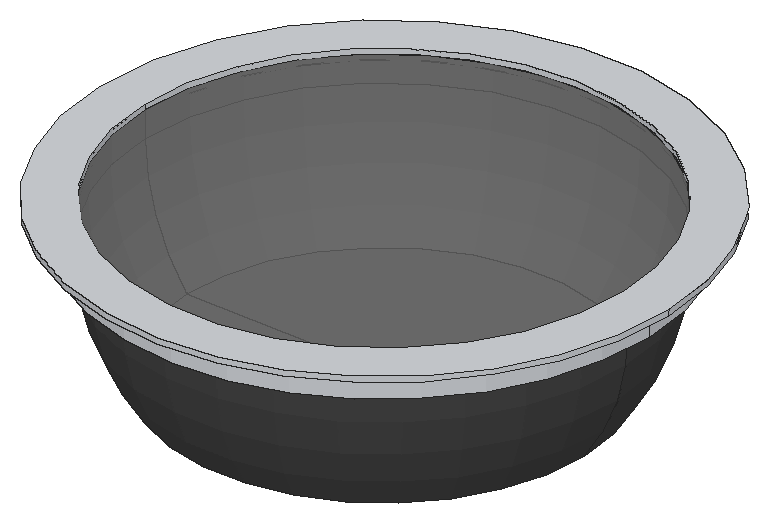
Revit family "3031845_recessed", category Lighting Fixtures, host Face, Revit 2017
Family settings
  Host = Face
  Round Connector Dimension = Use Diameter
  Part Type = Normal
  OmniClass Number = 23.80.70.11.17
  OmniClass Title = Specialized Lighting by Location or Use
  Cut with Voids When Loaded = No
  Light Source = Yes
  Shared = No
  Room Calculation Point = No
Parameters (values of type "SYL-LIGHTER II 220 21W WW DALI")
  Weight = 0.60 kg
  Wattage = 21 W
  built-in parameter 1150110 = 1 (stored number, unit not read)
  Voltage Comments = "UNV (Universal Voltage; 220-240 Volt)"  # constant formula
  Voltage = 240 V  # constant formula
  URL = "http://www.sylvania-lighting.com"
  built-in parameter 1114217 = 1 (stored number, unit not read)
  Tilt Angle = -90.00°  # constant formula
  built-in parameter 1150109 = 1 (stored number, unit not read)
  built-in parameter 1150134 = (empty or 0)
  Ta Rating = "-10°C to +40°C"  # constant formula
  built-in parameter 1150113 = 1 (stored number, unit not read)
  Recessed Depth = Height  # 60.0 mm
  IP Rating = "IP44"  # constant formula
  IK Rating = "IK07"  # constant formula
  Energy Class = "A++, A+, A"  # constant formula
  Dimmable = "DALI"  # constant formula
  Catalog Number = "3031845 SYL-LIGHTER II 220 21W WW DALI"
  Body Material = Metal_Sylvania_Syl-Lighter LED II_Silver
  Product Page URL = "https://www.sylvania-lighting.com/product/en-int/products/3031845/"
  Product Family = "SYL-LIGHTER LED II"  # constant formula
  Photometry Comments = ""
  Photometric Web File = "3031845.ies"
  built-in parameter 1150105 = 1088 (stored number, unit not read)
  Lumens = 2016 lm
  built-in parameter 1150115 = 1 (stored number, unit not read)
  built-in parameter 1150137 = (empty or 0)
  built-in parameter 1150139 = (empty or 0)
  Life = "50 000h"  # constant formula
  built-in parameter 1150112 = 1 (stored number, unit not read)
  built-in parameter 1150114 = 1 (stored number, unit not read)
  Lamp Comments = "Integrated LED"
  built-in parameter 1150132 = (empty or 0)
  built-in parameter 1150102 = (empty or 0)
  built-in parameter 1150107 = 3000 (stored number, unit not read)
  built-in parameter 1150138 = (empty or 0)
  built-in parameter 1150106 = 10.88 (stored number, unit not read)
  Glow Wire Test = 650 °C  # constant formula
  Emit from Circle Diameter = Diffuser Diameter  # 185.0 mm
  Emit Shape Visible in Rendering = no
  built-in parameter 1150104 = 8.9187 (stored number, unit not read)
  Drive Current = "600mA"
  Dimming Lamp Color Temperature Shift = <None>
  Diffuser Radius = Diffuser Diameter / 2  # 92.5 mm
  Diffuser Diameter = Diameter - 20.0 mm  # 185.0 mm
  Inner Diameter = Diameter - 4.0 mm  # 201.0 mm
  Cutout Diameter = Diameter  # 205.0 mm
  Color Filter = 16777215
  Beam Angle = 74.00°
  built-in parameter 1114218 = 1 (stored number, unit not read)
  built-in parameter 1150133 = 10 (stored number, unit not read)
  Height = 60.0 mm
  Electrical Protection = "CLASS II"  # constant formula
  built-in parameter 1114216 [instance] = 1 (stored number, unit not read)
  Model = "SYL-LIGHTER II 220 21W WW DALI"
  Manufacturer = "Feilo Sylvania"  # constant formula
  Lamp = "LED"
  Diffuser Material = Polycarbonate_Sylvania_Syl-Lighter LED II_Opal
  Description = "Ceiling recessed IP44 from the front LED downlight, perfect where limited ceiling void is available with only 60mm product depth and 205mm cutout. Ideal replacement for 1x42W CFL downlights. The polycarbonate diffuser allows for a wider light distribution and increased spacings between luminiares. Die-cast aluminium body, 2018LM, 21W, 96lm/W, 3000K, Driver Current: 600mA, CRI80, 74° beam angle, Dali dimmable LED driver (Tridonic 28000675), IP44 from the front, IK07, 50,000 hrs (L70), (HxW) 60x205mm, 5 step MacAdam ellipse, 0.60kg, RAL9003, Class 2, 220-240V, energy class: A++, A+, A"  # constant formula
  Default Elevation = 0.0 mm
  built-in parameter 1140040 [instance] = 1
  Assembly Code = "D5020200"
  Apparent Load Comments = ""
  Apparent Load = 21 VA
  Accessory Radius = Accessory Diameter / 2  # 110.0 mm
  Accessory Material = Aluminum_Sylvania_Syl-Lighter LED II_White_RAL 9003
  Diameter = 205.0 mm
  Accessory Diameter = 220.0 mm
Reference planes
  plane 1 "Center (Front/Back)": y = 0
  plane 2: z = 0
  plane 3 "Center (Left/Right)": x = 0
  plane 4 "Fixture Bottom": z = 2
  plane 5: z = -10
  plane 6 "Fixture Top": z = -60
  plane 7: z = -2
Forms (mm)
  Extrusion 1, void
    sketch origin (0, 0, 58) x (-1, 0, 0) y (0, -1, 0)
      loop
        circle (0, 0) r 102.5
    from -171 to -55
  Extrusion 2, solid, detail levels fine
    sketch origin (0, 0, 58) x (-1, 0, 0) y (0, -1, 0)
      loop
        circle (0, 0) r 102.5
      loop
        circle (0, 0) r 100.5
    from -68 to -58
  Extrusion 3, solid, detail levels fine
    sketch origin (0, 0, 58) x (-1, 0, 0) y (0, -1, 0)
      loop
        circle (0, 0) r 110
      loop
        circle (0, 0) r 92.5
    from -58 to -56
  Extrusion 4, solid, material "Polycarbonate_Sylvania_Syl-Lighter LED II_Opal" <- "Diffuser Material", detail levels fine
    sketch origin (0, 0, 58) x (-1, 0, 0) y (0, -1, 0)
      loop
        circle (0, 0) r 92.5
    from -60 to -58
  Revolve 5, solid, material "Metal_Sylvania_Syl-Lighter LED II_Silver" <- "Body Material", detail levels fine
    sketch origin (0, 0, 0) x (1, 0, 0) y (0, 0, 1)
      loop
        line (-92.5, 0) -> (-94.5, 0) -> (-94.5, -10)
        arc (-94.5, -10) -> (-90.134, -36.405) -> (-77.5, -60) r 82.029
        line (-77.5, -60) -> (0, -60) -> (0, -58) -> (-76.507, -58)
        arc (-76.507, -58) -> (-88.397, -35.297) -> (-92.5, -10) r 80.029
        line (-92.5, -10) -> (-92.5, 0)
      axis (0, -60) -> (0, 0)
    angle from 0 to 360
  Revolve 6, solid, material "Aluminum_Sylvania_Syl-Lighter LED II_White_RAL 9003" <- "Accessory Material", detail levels coarse+medium
    sketch origin (0, 0, 0) x (1, 0, 0) y (0, 0, 1)
      loop
        line (-110, 2) -> (-110, 0) -> (-102.5, 0) -> (-102.5, -10) -> (-94.5, -10)
        arc (-94.5, -10) -> (-90.134, -36.405) -> (-77.5, -60) r 82.029
        line (-77.5, -60) -> (0, -60) -> (0, 2) -> (-110, 2)
      axis (0, 2) -> (0, -60)
    angle from 0 to 360
Cuts and joins
  joined: Extrusion 2, Extrusion 3
Lines and regions (mm)
  Masking region 1
    outline origin (0, 0, 58) x (-1, 0, 0) y (0, -1, 0)
      loop
        circle (0, 0) r 110
  symbolic lines, detail levels fine
    curve 1: arc (-92.5, 0, 58) -> (0, 92.5, 58) -> (92.5, 0, 58) r 92.5
    curve 2: arc (92.5, 0, 58) -> (0, -92.5, 58) -> (-92.5, 0, 58) r 92.5
Dimensions and locks
  locked: plane 4 "Fixture Bottom" to plane 2 at 2
  locked: plane 2 to plane 5 at 10
  "Height": plane 2 to plane 6 "Fixture Top"
  locked: plane 2 to plane 7 at 2
  "Diffuser Radius": plane 3 "Center (Left/Right)" to Revolve 5 sketch curve
  locked: Revolve 5 sketch curve to Revolve 5 sketch curve at 2
  locked: Revolve 5 sketch curve to Revolve 5 sketch curve at 15
  "Accessory Radius": plane 3 "Center (Left/Right)" to Revolve 6 sketch curve
  Revolve 6 sketch curve to Revolve 6 sketch curve to Revolve 6 sketch curve to Revolve 6 sketch curve = 7.5 mm locked, 8.0 mm locked, 17.0 mm locked
  "Cutout Diameter": diameter of Extrusion 1 sketch curve
  "Diameter": diameter of Extrusion 2 sketch curve
  "Inner Diameter": diameter of Extrusion 2 sketch curve
  "Accessory Diameter": diameter of Extrusion 3 sketch curve
  "Diffuser Diameter": diameter of Extrusion 3 sketch curve
  "Diffuser Diameter": diameter of Extrusion 4 sketch curve
  "Accessory Diameter": diameter of Masking region 1 sketch curve
  aligned and locked: host face to plane 2
  aligned and locked: host face to level
  aligned and locked: plane 4 "Fixture Bottom" to Extrusion 3
  aligned and locked: Extrusion 3 to plane 2
  aligned and locked: Extrusion 2 to plane 5
  aligned and locked: plane 2 to Extrusion 2
  aligned and locked: Extrusion 4 to plane 7
  aligned and locked: plane 2 to Extrusion 4
  aligned and locked: Revolve 5 sketch curve to plane 2
  aligned and locked: plane 5 to Revolve 5 sketch curve  (x2)
  aligned and locked: Revolve 5 sketch curve to plane 3 "Center (Left/Right)"
  aligned and locked: plane 3 "Center (Left/Right)" to Revolve 5 sketch curve
  aligned and locked: Revolve 6 sketch curve to plane 5
  aligned and locked: Revolve 6 sketch curve to plane 2
  aligned and locked: Revolve 6 sketch curve to plane 4 "Fixture Bottom"
  aligned and locked: plane 3 "Center (Left/Right)" to Revolve 6 sketch curve
  aligned and locked: Revolve 6 sketch curve to plane 3 "Center (Left/Right)"
  aligned and locked: plane 3 "Center (Left/Right)" to imposter light
  aligned and locked: imposter light to plane 1 "Center (Front/Back)"
  aligned and locked: imposter light to plane 4 "Fixture Bottom"
  aligned and locked: curve 1 to cut or joined group of Extrusion 2, Extrusion 3
Automatic sketch dimensions
  host sketch curve to host sketch curve = 700.0 mm
  host sketch curve to host sketch curve = 620.0 mm
  plane 1 "Center (Front/Back)" to Extrusion 1 sketch curve = 0.0 mm
  Extrusion 1 sketch curve to plane 3 "Center (Left/Right)" = 0.0 mm
  Extrusion 2 sketch curve to Extrusion 2 sketch curve = 0.0 mm  (x2)
  plane 1 "Center (Front/Back)" to Extrusion 2 sketch curve = 0.0 mm
  Extrusion 2 sketch curve to plane 3 "Center (Left/Right)" = 0.0 mm
  Extrusion 3 sketch curve to Extrusion 3 sketch curve = 0.0 mm  (x2)
  plane 1 "Center (Front/Back)" to Extrusion 3 sketch curve = 0.0 mm
  Extrusion 3 sketch curve to plane 3 "Center (Left/Right)" = 0.0 mm
  plane 1 "Center (Front/Back)" to Extrusion 4 sketch curve = 0.0 mm
  Extrusion 4 sketch curve to plane 3 "Center (Left/Right)" = 0.0 mm
  Revolve 5 sketch curve to Revolve 5 sketch curve = 0.0 mm
  Revolve 5 sketch curve to plane 6 "Fixture Top" = 0.0 mm
  plane 6 "Fixture Top" to Revolve 5 sketch curve = 2.0 mm
  Revolve 5 sketch curve to Revolve 5 sketch curve = 17.111 mm
  plane 4 "Fixture Bottom" to Revolve 5 sketch curve = 20.889 mm
  Revolve 6 sketch curve to plane 6 "Fixture Top" = 0.0 mm
  Revolve 6 sketch curve to plane 6 "Fixture Top" = 63.885 mm
  Revolve 6 sketch curve to Revolve 6 sketch curve = 84.115 mm
  plane 1 "Center (Front/Back)" to Masking region 1 sketch curve = 0.0 mm
  Masking region 1 sketch curve to plane 3 "Center (Left/Right)" = 0.0 mm
Connectors
  electrical at (0, 0, -60), driven by "Apparent Load", driven by "Voltage"
    settings: on Revolve 5, index 1, voltage 240 V, apparent load 0 VA, apparent load phase1 21 VA, apparent load phase2 0 VA, apparent load phase3 0 VA, power factor 1, load classification "Lighting", number of poles 1, system type 31, power factor state 1, is connector primary yes, connector utility no, sub classification motor no, connector description ""
